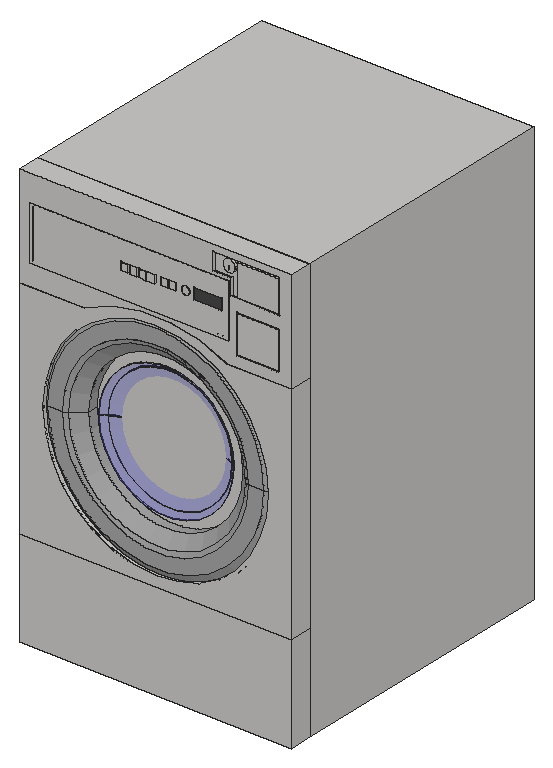
Revit family "QF_ELECTROLUX_WE1100P_WE1100P", category Specialty Equipment, Revit 2014
Parameters
  Width = 686 mm
  Height = 850 mm
  Depth = 822 mm
Reference planes
  plane 1 "Center (Front/Back)": y = 0
  plane 2: z = 0
  plane 3 "Center (Left/Right)": x = 0
  plane 4 "LEFT": x = -343
  plane 5 "RIGHT": x = 343
  plane 6 "BACK": y = 411
  plane 7 "FRONT": y = -411
  plane 8 "voidPanel": through (0, -279.09, 846.678) normal (0, -0.9308, 0.3656)
  plane 9 "TOP": z = 1098
  plane 10: y = -928
Forms (mm)
  Extrusion 1, solid, material "QF_Finishes_Stainless Steel"
    sketch origin (0, 0, 0) x (1, 0, 0) y (0, 1, 0)
      loop
        line (-343, 354) -> (-343, -354) -> (343, -354) -> (343, 354) -> (-343, 354)
    from 25 to 1098
  Extrusion 2, void
    sketch origin (0, -411, 114) x (0, 0, 1) y (-1, 0, 0)
      loop
        circle (470, 0) r 242.757
    from 0 to -726.106
  Revolve 3, solid, material "QF_Finishes_Gray"
    sketch origin (0, 0, 584) x (-1, 0, 0) y (0, -1, 0)
      loop
        line (295.448, 354.108) -> (295.448, 397.035) -> (272.916, 411) -> (235.246, 411) -> (223.534, 406.93) -> (195.25, 378.646) -> (195.25, 354.108) -> (295.448, 354.108)
      axis (0, 354.108) -> (0, 411)
    angle from 0 to 360
  Revolve 4, solid, material "Glass"
    sketch origin (0, 0, 584) x (-1, 0, 0) y (0, -1, 0)
      loop
        line (156.034, 365.621) -> (125.785, 351.316)
        arc (125.785, 351.316) -> (117.42, 348.976) -> (108.77, 348.187) r 47.824
        line (108.77, 348.187) -> (0, 348.187) -> (0, 346.187) -> (108.77, 346.187)
        arc (108.77, 346.187) -> (117.82, 347.016) -> (126.57, 349.475) r 49.824
        line (126.57, 349.475) -> (156.889, 363.813)
        arc (156.889, 363.813) -> (164.396, 368.582) -> (170.5, 375.051) r 35.892
        line (170.5, 375.051) -> (170.5, 378.646)
        arc (170.5, 378.646) -> (164.222, 371.072) -> (156.034, 365.621) r 33.892
      axis (0, 346.187) -> (0, 378.646)
    angle from 0 to 360
  Extrusion 5, void
    sketch origin (0, 0, 470) x (-1, 0, 0) y (0, -1, 0)
      loop
        line (333, -329) -> (333, 336.297) -> (-333, 336.297) -> (-333, -329) -> (333, -329)
    from -434.1 to 430
  Extrusion 6, solid, material "QF_Finishes_Rubber Black"
    sketch origin (25, 0, 0) x (1, 0, 0) y (0, 1, 0)
      loop
        circle (-308, 313.6) r 20
    from 0 to 10
  Extrusion 7, solid, material "QF_Finishes_Stainless Steel"
    sketch origin (25, 0, 0) x (1, 0, 0) y (0, 1, 0)
      loop
        circle (-308, 313.6) r 11
    from 10 to 25
  Extrusion 8, solid, material "QF_Finishes_Rubber Black"
    sketch origin (25, 0, 0) x (1, 0, 0) y (0, 1, 0)
      loop
        circle (-308, -309.8) r 20
    from 0 to 10
  Extrusion 9, solid, material "QF_Finishes_Stainless Steel"
    sketch origin (25, 0, 0) x (1, 0, 0) y (0, 1, 0)
      loop
        circle (-308, -309.8) r 11
    from 10 to 25
  Revolve 10, solid, material "QF_Door-Drawer Clearances", detail levels coarse
    sketch origin (0, -354.108, 110) x (-1, 0, 0) y (0, 0, 1)
      loop
        circle (-1.368, 470) r 285
      axis (287.524, 470) -> (287.524, 469)
    angle from 0 to 90
  Extrusion 11, solid, material "QF_Finishes_Rubber Black"
    sketch origin (-25, 0, 0) x (-1, 0, 0) y (0, -1, 0)
      loop
        circle (-308, -313.6) r 20
    from 0 to 10
  Extrusion 12, solid, material "QF_Finishes_Stainless Steel"
    sketch origin (-25, 0, 0) x (-1, 0, 0) y (0, -1, 0)
      loop
        circle (-308, -313.6) r 11
    from 10 to 25
  Extrusion 13, solid, material "QF_Finishes_Rubber Black"
    sketch origin (-25, 0, 0) x (-1, 0, 0) y (0, -1, 0)
      loop
        circle (-308, 309.8) r 20
    from 0 to 10
  Extrusion 14, solid, material "QF_Finishes_Stainless Steel"
    sketch origin (-25, 0, 0) x (-1, 0, 0) y (0, -1, 0)
      loop
        circle (-308, 309.8) r 11
    from 10 to 25
  Extrusion 15, solid, material "QF_Finishes_Stainless Steel"
    sketch origin (0, -411, 0) x (0, 0, 1) y (-1, 0, 0)
      loop
        line (25, 343) -> (25, -343) -> (270, -343) -> (270, 343) -> (25, 343)
    from 0 to -57
  Extrusion 16, solid, material "QF_Finishes_Stainless Steel"
    sketch origin (0, -411, 0) x (0, 0, 1) y (-1, 0, 0)
      loop
        line (840, -343) -> (1098, -343) -> (1098, 343) -> (840, 343) -> (840, 180)
        arc (840, 180) -> (884.448, 0) -> (840, -180) r 386.695
        line (840, -180) -> (840, -343)
    from 0 to -57
  Extrusion 17, solid, material "QF_Finishes_Stainless Steel"
    sketch origin (0, -411, 0) x (0, 0, 1) y (-1, 0, 0)
      loop
        line (840, 343) -> (270, 343) -> (270, -343) -> (840, -343) -> (840, -180)
        arc (840, -180) -> (884.448, 0) -> (840, 180) r 386.695
        line (840, 180) -> (840, 343)
      loop
        circle (580, 0) r 285
    from 0 to -57
  Extrusion 18, void
    sketch origin (0, -411, 0) x (0, 0, 1) y (-1, 0, 0)
      loop
        line (900, 310) -> (900, -177.556) -> (1023.011, -177.556) -> (1023.011, 310) -> (900, 310)
      loop
        line (966.011, -204.442) -> (866.011, -204.442) -> (866.011, -314.442) -> (966.011, -314.442) -> (966.011, -204.442)
      loop
        line (996.011, -189.442) -> (996.011, -314.442) -> (1083.011, -314.442) -> (1083.011, -145.278) -> (1038.011, -145.278) -> (1038.011, -189.442) -> (996.011, -189.442)
    from 0 to -5
  Extrusion 19, solid, material "QF_Finishes_Stainless Steel"
    sketch origin (0, -411, 0) x (0, 0, 1) y (-1, 0, 0)
      loop
        line (893.011, 317.724) -> (893.011, -184.442) -> (1030, -184.442) -> (1030, 317.724) -> (893.011, 317.724)
      loop
        line (1078.64, -311.442) -> (1078.64, -207.442) -> (999.011, -207.442) -> (999.011, -311.442) -> (1078.64, -311.442)
      loop
        line (963.011, -311.442) -> (963.011, -207.442) -> (869.011, -207.442) -> (869.011, -311.442) -> (963.011, -311.442)
      loop
        line (958.011, 88.08) -> (958.011, 68.08) -> (978.011, 68.08) -> (978.011, 88.08) -> (958.011, 88.08)
      loop
        line (978.011, 65.388) -> (958.011, 65.388) -> (958.011, 45.384) -> (978.011, 45.384) -> (978.011, 65.388)
      loop
        line (978.011, 42.696) -> (958.011, 42.696) -> (958.011, 22.692) -> (978.011, 22.692) -> (978.011, 42.696)
      loop
        line (978.011, 20.004) -> (958.011, 20.004) -> (958.011, 0) -> (978.011, 0) -> (978.011, 20.004)
      loop
        circle (969.242, -76.184) r 10
      loop
        line (955.286, -166.743) -> (985.286, -166.743) -> (985.286, -96.743) -> (955.286, -96.743) -> (955.286, -166.743)
      loop
        line (978.011, -13.509) -> (960.092, -13.509) -> (960.092, -31.382) -> (978.011, -31.382) -> (978.011, -13.509)
      loop
        line (978.011, -33.509) -> (960.092, -33.509) -> (960.092, -51.382) -> (978.011, -51.382) -> (978.011, -33.509)
      loop
        circle (1064.031, -186.619) r 15
      loop
        line (1055, -188.119) -> (1064.015, -188.119) -> (1064.015, -185.119) -> (1055, -185.119) -> (1055, -188.119)
    from 0.5 to -5
  Extrusion 20, solid, material "QF_Finishes_Stainless Steel"
    sketch origin (35.424, -411, -24.138) x (0, 0, 1) y (-1, 0, 0)
      loop
        line (1002.148, 123.504) -> (982.148, 123.504) -> (982.148, 103.504) -> (1002.148, 103.504) -> (1002.148, 123.504)
      loop
        line (1002.148, 100.812) -> (982.148, 100.812) -> (982.148, 80.808) -> (1002.148, 80.808) -> (1002.148, 100.812)
      loop
        line (1002.148, 78.12) -> (982.148, 78.12) -> (982.148, 58.116) -> (1002.148, 58.116) -> (1002.148, 78.12)
      loop
        line (1002.148, 55.428) -> (982.148, 55.428) -> (982.148, 35.424) -> (1002.148, 35.424) -> (1002.148, 55.428)
    from 2 to -13.46
  Extrusion 21, solid, material "QF_Finishes_Stainless Steel"
    sketch origin (41.324, -411, -22.907) x (0, 0, 1) y (-1, 0, 0)
      loop
        circle (992.148, -34.859) r 10
    from 1 to -13.46
  Extrusion 22, solid, material "QF_Finishes_Black"
    sketch origin (41.884, -411, -21.862) x (0, 0, 1) y (-1, 0, 0)
      loop
        line (1007.148, -54.859) -> (977.148, -54.859) -> (977.148, -124.859) -> (1007.148, -124.859) -> (1007.148, -54.859)
    from 0 to -13.46
  Blend 23, solid, material "QF_Finishes_Stainless Steel"
    base sketch origin (0, 411, 0) x (0, 0, 1) y (-1, 0, 0)
      loop
        line (784.238, -184.6) -> (784.238, 184.6)
        arc (784.238, 184.6) -> (762.271, 237.633) -> (709.238, 259.6) r 75
        line (709.238, 259.6) -> (394.238, 259.6) -> (305.804, 282.768)
        arc (305.804, 282.768) -> (247.18, 288.682) -> (189.562, 276.351) r 190
        line (189.562, 276.351) -> (140.657, 257.578)
        arc (140.657, 257.578) -> (112.712, 235.548) -> (102.159, 201.563) r 60
        line (102.159, 201.563) -> (102.159, -201.563)
        arc (102.159, -201.563) -> (112.712, -235.548) -> (140.657, -257.578) r 60
        line (140.657, -257.578) -> (189.562, -276.351)
        arc (189.562, -276.351) -> (247.18, -288.682) -> (305.804, -282.768) r 190
        line (305.804, -282.768) -> (394.238, -259.6) -> (709.238, -259.6)
        arc (709.238, -259.6) -> (762.271, -237.633) -> (784.238, -184.6) r 75
    top sketch origin (0, 411, 0) x (0, 0, 1) y (-1, 0, 0)
      loop
        line (784.238, -184.6) -> (784.238, 184.6)
        arc (784.238, 184.6) -> (762.271, 237.633) -> (709.238, 259.6) r 75
        line (709.238, 259.6) -> (394.238, 259.6) -> (305.804, 282.768)
        arc (305.804, 282.768) -> (247.18, 288.682) -> (189.562, 276.351) r 190
        line (189.562, 276.351) -> (140.657, 257.578)
        arc (140.657, 257.578) -> (112.712, 235.548) -> (102.159, 201.563) r 60
        line (102.159, 201.563) -> (102.159, -201.563)
        arc (102.159, -201.563) -> (112.712, -235.548) -> (140.657, -257.578) r 60
        line (140.657, -257.578) -> (189.562, -276.351)
        arc (189.562, -276.351) -> (247.18, -288.682) -> (305.804, -282.768) r 190
        line (305.804, -282.768) -> (394.238, -259.6) -> (709.238, -259.6)
        arc (709.238, -259.6) -> (762.271, -237.633) -> (784.238, -184.6) r 75
    from 57 to 31.462
  Blend 24, solid, material "QF_Finishes_Stainless Steel"
    base sketch origin (0, 411, 0) x (0, 0, 1) y (-1, 0, 0)
      loop
        line (320.525, -120) -> (480, -120)
        arc (480, -120) -> (600, 0) -> (480, 120) r 120
        line (480, 120) -> (320.525, 120)
        arc (320.525, 120) -> (200.525, 0) -> (320.525, -120) r 120
    top sketch origin (0, 411, 0) x (0, 0, 1) y (-1, 0, 0)
      loop
        line (480, 105) -> (320.525, 105)
        arc (320.525, 105) -> (215.525, 0) -> (320.525, -105) r 105
        line (320.525, -105) -> (480, -105)
        arc (480, -105) -> (585, 0) -> (480, 105) r 105
    from 31.462 to 13.773
  Extrusion 25, solid, material "QF_Finishes_Stainless Steel"
    sketch origin (0, 411, 0) x (0, 0, 1) y (-1, 0, 0)
      loop
        circle (490.355, 0) r 80
    from 0 to 13.773
  Extrusion 26, solid, material "QF_Finishes_Stainless Steel"
    sketch origin (137.012, -411, -24.138) x (0, 0, 1) y (-1, 0, 0)
      loop
        line (1002.148, 123.504) -> (984.23, 123.504) -> (984.23, 105.63) -> (1002.148, 105.63) -> (1002.148, 123.504)
      loop
        line (1002.148, 103.504) -> (984.23, 103.504) -> (984.23, 85.63) -> (1002.148, 85.63) -> (1002.148, 103.504)
    from 2 to -13.46
  Extrusion 27, solid, material "QF_Finishes_Stainless Steel"
    sketch origin (0, 411, 0) x (0, 0, 1) y (-1, 0, 0)
      loop
        arc (831.177, -251.517) -> (838.5, -269.194) -> (856.177, -276.517) r 25
        line (856.177, -276.517) -> (896.177, -276.517)
        arc (896.177, -276.517) -> (910.32, -270.659) -> (916.177, -256.517) r 20
        line (916.177, -256.517) -> (916.177, -91.517)
        arc (916.177, -91.517) -> (910.32, -77.375) -> (896.177, -71.517) r 20
        line (896.177, -71.517) -> (856.177, -71.517)
        arc (856.177, -71.517) -> (838.5, -78.839) -> (831.177, -96.517) r 25
        line (831.177, -96.517) -> (831.177, -251.517)
      loop
        arc (850.673, 78.041) -> (856.531, 63.899) -> (870.673, 58.041) r 20
        line (870.673, 58.041) -> (915.673, 58.041)
        arc (915.673, 58.041) -> (929.815, 63.899) -> (935.673, 78.041) r 20
        line (935.673, 78.041) -> (935.673, 108.041)
        arc (935.673, 108.041) -> (929.815, 122.183) -> (915.673, 128.041) r 20
        line (915.673, 128.041) -> (870.673, 128.041)
        arc (870.673, 128.041) -> (856.531, 122.183) -> (850.673, 108.041) r 20
        line (850.673, 108.041) -> (850.673, 78.041)
      loop
        arc (850.673, 167.296) -> (856.531, 153.154) -> (870.673, 147.296) r 20
        line (870.673, 147.296) -> (907.608, 147.296)
        arc (907.608, 147.296) -> (927.453, 155.516) -> (935.673, 175.361) r 28.065
        line (935.673, 175.361) -> (935.673, 297.724)
        arc (935.673, 297.724) -> (929.815, 311.866) -> (915.673, 317.724) r 20
        line (915.673, 317.724) -> (870.673, 317.724)
        arc (870.673, 317.724) -> (856.531, 311.866) -> (850.673, 297.724) r 20
        line (850.673, 297.724) -> (850.673, 167.296)
    from 50.476 to 57
  Extrusion 28, solid, material "QF_Finishes_Stainless Steel"
    sketch origin (0, 411, 0) x (0, 0, 1) y (-1, 0, 0)
      loop
        circle (904.625, -20.96) r 10
      loop
        circle (900, 93.439) r 25.4
      loop
        circle (893.011, 195.368) r 12.7
      loop
        circle (893.011, 273.674) r 12.7
    from 46.49 to 50.476
  Extrusion 29, solid, material "QF_Finishes_Stainless Steel"
    sketch origin (0, 411, 0) x (0, 0, 1) y (-1, 0, 0)
      loop
        circle (808.547, 296.859) r 12.7
    from 46.49 to 57
  Extrusion 30, solid, material "QF_Finishes_Stainless Steel"
    sketch origin (0, 411, 0) x (0, 0, 1) y (-1, 0, 0)
      loop
        circle (904.625, -20.96) r 10
    from 50.476 to 57
Cuts and joins
  Extrusion 5 cuts Extrusion 1
  Extrusion 18 cuts Extrusion 16
  joined: Extrusion 28, Extrusion 30
Lines and regions (mm)
  model lines
    curve 1: line (253.366, -313.716, 0) -> (253.669, -317.455, 0)
  symbolic lines, style "QF_Door-Drawer Clearances"
    curve 2: line (-287.524, -928, 744.475) -> (-287.524, -411, 744.475)
    curve 21: arc (-287.524, -928, 744.475) -> (97.49, -779.724, 744.475) -> (283.589, -411.5, 744.475) r 574
  symbolic lines
    curve 3: line (-343, 354, 744.475) -> (343, 354, 744.475)
    curve 4: line (-343, -354, 744.475) -> (-343, 354, 744.475)
    curve 5: line (343, -354, 744.475) -> (-343, -354, 744.475)
    curve 6: line (343, 354, 744.475) -> (343, -354, 744.475)
    curve 7: line (-343, -354, 744.475) -> (-343, -411, 744.475)
    curve 8: line (-343, -411, 744.475) -> (343, -411, 744.475)
    curve 9: line (343, -411, 744.475) -> (343, -354, 744.475)
    curve 10: line (-288.971, 379.538, 744.475) -> (288.971, 379.538, 744.475)
    curve 11: line (288.971, 379.538, 744.475) -> (288.971, 354, 744.475)
    curve 12: line (-288.971, 379.538, 744.475) -> (-288.971, 354, 744.475)
    curve 13: line (-259.6, 379.538, 744.475) -> (-259.6, 354, 744.475)
    curve 14: line (259.6, 379.538, 744.475) -> (259.6, 354, 744.475)
    curve 15: line (-120, 379.538, 744.475) -> (-105, 397.227, 744.475)
    curve 16: line (-105, 397.227, 744.475) -> (105, 397.227, 744.475)
    curve 17: line (105, 397.227, 744.475) -> (120, 379.538, 744.475)
    curve 18: line (80, 411, 744.475) -> (-80, 411, 744.475)
    curve 19: line (-80, 411, 744.475) -> (-80, 397.227, 744.475)
    curve 20: line (80, 411, 744.475) -> (80, 397.227, 744.475)
Dimensions and locks
  equal spacing: plane 5 "RIGHT", plane 3 "Center (Left/Right)", plane 4 "LEFT"
  "Width": plane 5 "RIGHT" to plane 4 "LEFT"
  equal spacing: plane 7 "FRONT", plane 1 "Center (Front/Back)", plane 6 "BACK"
  plane 9 "TOP" to level = 1098 mm
  plane 7 "FRONT" to plane 1 "Center (Front/Back)" to plane 6 "BACK" = 411 mm, 411 mm
  plane 4 "LEFT" to plane 5 "RIGHT" = 686 mm
  cut or joined group of Extrusion 1, Extrusion 5 to cut or joined group of Extrusion 16, Extrusion 18 = 765 mm
  plane 7 "FRONT" to plane 10 = 517 mm
  plane 10 to plane 6 "BACK" = 1339 mm
  plane 6 "BACK" to cut or joined group of Extrusion 16, Extrusion 18 = 765 mm
  plane 10 to cut or joined group of Extrusion 16, Extrusion 18 = 574 mm
  plane 6 "BACK" to plane 10 = 1339 mm
  aligned and locked: level to plane 2
Automatic sketch dimensions
  Extrusion 1 sketch curve to plane 4 "LEFT" = 0 mm
  Extrusion 1 sketch curve to plane 5 "RIGHT" = 0 mm
  Extrusion 1 sketch curve to plane 7 "FRONT" = 57 mm
  plane 6 "BACK" to Extrusion 1 sketch curve = 57 mm
  Extrusion 2 sketch curve to plane 3 "Center (Left/Right)" = 0 mm
  Extrusion 2 sketch curve to plane 9 "TOP" = 514 mm
  Revolve 3 sketch curve to plane 3 "Center (Left/Right)" = 0 mm
  plane 7 "FRONT" to Revolve 3 sketch curve = 0 mm
  Revolve 3 sketch curve to plane 7 "FRONT" = 56.892 mm
  plane 4 "LEFT" to Revolve 3 sketch curve = 147.75 mm
  Revolve 3 sketch curve to plane 7 "FRONT" = 4.07 mm
  Revolve 3 sketch curve to Revolve 3 sketch curve = 28.284 mm
  Revolve 3 sketch curve to Revolve 3 sketch curve = 11.712 mm
  Revolve 3 sketch curve to Revolve 3 sketch curve = 37.67 mm
  Revolve 3 sketch curve to Revolve 3 sketch curve = 22.532 mm
  Revolve 3 sketch curve to Revolve 3 sketch curve = 24.537 mm
  Revolve 3 sketch curve to plane 7 "FRONT" = 13.965 mm
  Revolve 3 sketch curve to plane 6 "BACK" = 1134.072 mm
  plane 10 to Revolve 3 sketch curve = 569.917 mm
  Revolve 4 sketch curve to Revolve 4 sketch curve = 0 mm  (x4)
  Revolve 4 sketch curve to plane 3 "Center (Left/Right)" = 0 mm  (x2)
  Revolve 4 sketch curve to plane 3 "Center (Left/Right)" = 108.77 mm
  Revolve 4 sketch curve to Revolve 4 sketch curve = 17.015 mm
  Revolve 4 sketch curve to plane 7 "FRONT" = 61.525 mm
  Revolve 4 sketch curve to Revolve 4 sketch curve = 0.785 mm
  Revolve 4 sketch curve to plane 7 "FRONT" = 14.74 mm
  Revolve 4 sketch curve to Revolve 4 sketch curve = 32.775 mm
  Revolve 4 sketch curve to plane 7 "FRONT" = 45.379 mm
  Revolve 4 sketch curve to Revolve 4 sketch curve = 30.249 mm
  Revolve 4 sketch curve to plane 7 "FRONT" = 47.187 mm
  Revolve 4 sketch curve to Revolve 4 sketch curve = 0.855 mm
  Revolve 4 sketch curve to Revolve 4 sketch curve = 14.466 mm
  Revolve 4 sketch curve to plane 7 "FRONT" = 62.813 mm
  Revolve 4 sketch curve to Revolve 4 sketch curve = 2 mm
  Revolve 4 sketch curve to plane 6 "BACK" = 1134.072 mm
  plane 10 to Revolve 4 sketch curve = 569.917 mm
  Extrusion 5 sketch curve to plane 5 "RIGHT" = 10 mm
  plane 4 "LEFT" to Extrusion 5 sketch curve = 10 mm
  plane 6 "BACK" to Extrusion 5 sketch curve = 82 mm
  Extrusion 5 sketch curve to plane 7 "FRONT" = 74.703 mm
  plane 4 "LEFT" to Extrusion 6 sketch curve = 60 mm
  plane 6 "BACK" to Extrusion 6 sketch curve = 97.4 mm
  plane 4 "LEFT" to Extrusion 7 sketch curve = 60 mm
  plane 6 "BACK" to Extrusion 7 sketch curve = 97.4 mm
  plane 4 "LEFT" to Extrusion 8 sketch curve = 60 mm
  Extrusion 8 sketch curve to plane 7 "FRONT" = 101.2 mm
  plane 4 "LEFT" to Extrusion 9 sketch curve = 60 mm
  Extrusion 9 sketch curve to plane 7 "FRONT" = 101.2 mm
  plane 10 to curve 2 = 0 mm
  plane 7 "FRONT" to curve 2 = 0 mm
  plane 4 "LEFT" to curve 2 = 55.476 mm
  plane 3 "Center (Left/Right)" to Revolve 10 sketch curve = 1.368 mm
  Revolve 10 sketch curve to plane 9 "TOP" = 518 mm
  plane 4 "LEFT" to Revolve 10 sketch curve = 55.476 mm
  Revolve 10 sketch curve to level = 194.8 mm
  plane 9 "TOP" to Revolve 10 sketch curve = 1450.4 mm
  plane 5 "RIGHT" to Extrusion 11 sketch curve = 60 mm
  Extrusion 11 sketch curve to plane 6 "BACK" = 97.4 mm
  plane 5 "RIGHT" to Extrusion 12 sketch curve = 60 mm
  Extrusion 12 sketch curve to plane 6 "BACK" = 97.4 mm
  plane 5 "RIGHT" to Extrusion 13 sketch curve = 60 mm
  plane 7 "FRONT" to Extrusion 13 sketch curve = 101.2 mm
  plane 5 "RIGHT" to Extrusion 14 sketch curve = 60 mm
  plane 7 "FRONT" to Extrusion 14 sketch curve = 101.2 mm
  Extrusion 15 sketch curve to plane 5 "RIGHT" = 0 mm
  Extrusion 15 sketch curve to plane 4 "LEFT" = 0 mm
  level to Extrusion 15 sketch curve = 25 mm
  Extrusion 15 sketch curve to Extrusion 15 sketch curve = 245 mm
  Extrusion 16 sketch curve to plane 5 "RIGHT" = 0 mm
  Extrusion 16 sketch curve to plane 4 "LEFT" = 0 mm
  Extrusion 16 sketch curve to plane 9 "TOP" = 0 mm
  Extrusion 16 sketch curve to Extrusion 16 sketch curve = 258 mm  (x2)
  Extrusion 16 sketch curve to plane 5 "RIGHT" = 163 mm
  Extrusion 17 sketch curve to plane 4 "LEFT" = 0 mm
  Extrusion 17 sketch curve to plane 5 "RIGHT" = 0 mm
  Extrusion 17 sketch curve to plane 3 "Center (Left/Right)" = 0 mm  (x2)
  level to Extrusion 17 sketch curve = 270 mm
  Extrusion 17 sketch curve to Extrusion 17 sketch curve = 227.753 mm
  Extrusion 17 sketch curve to Extrusion 17 sketch curve = 82.247 mm
  Extrusion 17 sketch curve to plane 9 "TOP" = 258 mm  (x2)
  plane 4 "LEFT" to Extrusion 17 sketch curve = 163 mm
  Extrusion 20 sketch curve to plane 3 "Center (Left/Right)" = 0 mm
  Extrusion 20 sketch curve to plane 9 "TOP" = 139.989 mm
  Extrusion 20 sketch curve to Extrusion 20 sketch curve = 0 mm  (x5)
  Extrusion 20 sketch curve to Extrusion 20 sketch curve = 20 mm  (x3)
  Extrusion 20 sketch curve to Extrusion 20 sketch curve = 20.004 mm  (x3)
  Extrusion 20 sketch curve to Extrusion 20 sketch curve = 2.689 mm  (x2)
  Extrusion 20 sketch curve to Extrusion 20 sketch curve = 2.692 mm
  Extrusion 21 sketch curve to plane 9 "TOP" = 128.758 mm
  plane 3 "Center (Left/Right)" to Extrusion 21 sketch curve = 76.184 mm
  Extrusion 22 sketch curve to plane 9 "TOP" = 142.714 mm
  Extrusion 22 sketch curve to Extrusion 22 sketch curve = 30 mm
  plane 3 "Center (Left/Right)" to Extrusion 22 sketch curve = 166.743 mm
  Extrusion 22 sketch curve to Extrusion 22 sketch curve = 70 mm
  level to Blend 23 sketch curve = 102.159 mm  (x2)
  Blend 23 sketch curve to Blend 23 sketch curve = 38.498 mm  (x4)
  Blend 23 sketch curve to plane 5 "RIGHT" = 85.422 mm  (x2)
  Blend 23 sketch curve to Blend 23 sketch curve = 60 mm  (x4)
  Blend 23 sketch curve to plane 5 "RIGHT" = 66.649 mm  (x2)
  Blend 23 sketch curve to Blend 23 sketch curve = 48.905 mm  (x4)
  plane 4 "LEFT" to Blend 23 sketch curve = 66.649 mm  (x2)
  Blend 23 sketch curve to Blend 23 sketch curve = 95.493 mm  (x4)
  Blend 23 sketch curve to plane 5 "RIGHT" = 60.232 mm  (x2)
  Blend 23 sketch curve to Blend 23 sketch curve = 116.242 mm  (x4)
  plane 4 "LEFT" to Blend 23 sketch curve = 60.232 mm  (x2)
  Blend 23 sketch curve to plane 5 "RIGHT" = 83.4 mm  (x2)
  Blend 23 sketch curve to Blend 23 sketch curve = 88.434 mm  (x4)
  plane 4 "LEFT" to Blend 23 sketch curve = 83.4 mm  (x2)
  Blend 23 sketch curve to Blend 23 sketch curve = 315 mm  (x4)
  Blend 23 sketch curve to plane 5 "RIGHT" = 158.4 mm
  Blend 23 sketch curve to Blend 23 sketch curve = 74.788 mm
  plane 4 "LEFT" to Blend 23 sketch curve = 85.422 mm
  Blend 23 sketch curve to Blend 23 sketch curve = 75 mm
  Blend 24 sketch curve to plane 3 "Center (Left/Right)" = 0 mm  (x2)
  plane 3 "Center (Left/Right)" to Blend 24 sketch curve = 120 mm
  level to Blend 24 sketch curve = 320.525 mm  (x2)
  Blend 24 sketch curve to Blend 24 sketch curve = 159.475 mm  (x2)
  plane 3 "Center (Left/Right)" to Blend 24 sketch curve = 105 mm
  Extrusion 25 sketch curve to plane 3 "Center (Left/Right)" = 0 mm
  level to Extrusion 25 sketch curve = 490.355 mm
  plane 3 "Center (Left/Right)" to Extrusion 26 sketch curve = 51.382 mm
  Extrusion 26 sketch curve to plane 9 "TOP" = 137.908 mm
  Extrusion 26 sketch curve to Extrusion 26 sketch curve = 0 mm
  Extrusion 26 sketch curve to Extrusion 26 sketch curve = 17.919 mm  (x2)
  Extrusion 26 sketch curve to Extrusion 26 sketch curve = 17.873 mm
  Extrusion 26 sketch curve to Extrusion 26 sketch curve = 2.127 mm
  plane 3 "Center (Left/Right)" to Extrusion 26 sketch curve = 13.509 mm
  plane 4 "LEFT" to Extrusion 16 sketch curve = 163 mm
  Extrusion 16 sketch curve to Extrusion 16 sketch curve = 342.247 mm
  Extrusion 18 sketch curve to plane 5 "RIGHT" = 28.558 mm  (x2)
  Extrusion 18 sketch curve to plane 9 "TOP" = 231.989 mm
  plane 4 "LEFT" to Extrusion 18 sketch curve = 33 mm
  Extrusion 18 sketch curve to plane 9 "TOP" = 198 mm
  Extrusion 18 sketch curve to Extrusion 18 sketch curve = 66.011 mm
  Extrusion 18 sketch curve to Extrusion 18 sketch curve = 30 mm
  Extrusion 18 sketch curve to plane 9 "TOP" = 74.989 mm
  Extrusion 18 sketch curve to Extrusion 18 sketch curve = 15 mm  (x2)
  Extrusion 18 sketch curve to plane 9 "TOP" = 14.989 mm
  Extrusion 18 sketch curve to Extrusion 18 sketch curve = 110 mm
  Extrusion 18 sketch curve to Extrusion 18 sketch curve = 11.886 mm
  Extrusion 18 sketch curve to Extrusion 18 sketch curve = 44.164 mm
  Extrusion 19 sketch curve to plane 3 "Center (Left/Right)" = 0 mm
  Extrusion 19 sketch curve to plane 5 "RIGHT" = 31.558 mm  (x2)
  Extrusion 19 sketch curve to plane 9 "TOP" = 228.989 mm
  plane 4 "LEFT" to Extrusion 19 sketch curve = 25.276 mm
  Extrusion 19 sketch curve to plane 9 "TOP" = 204.989 mm
  Extrusion 19 sketch curve to Extrusion 19 sketch curve = 62.275 mm
  Extrusion 19 sketch curve to plane 3 "Center (Left/Right)" = 65.388 mm
  Extrusion 19 sketch curve to plane 9 "TOP" = 139.989 mm
  Extrusion 19 sketch curve to Extrusion 19 sketch curve = 0 mm  (x7)
  Extrusion 19 sketch curve to Extrusion 19 sketch curve = 2.081 mm  (x2)
  Extrusion 19 sketch curve to Extrusion 19 sketch curve = 94 mm
  Extrusion 19 sketch curve to Extrusion 19 sketch curve = 13.956 mm
  Extrusion 19 sketch curve to Extrusion 19 sketch curve = 20 mm  (x3)
  Extrusion 19 sketch curve to Extrusion 19 sketch curve = 17.919 mm
  Extrusion 19 sketch curve to Extrusion 19 sketch curve = 16.044 mm
  Extrusion 19 sketch curve to Extrusion 19 sketch curve = 36 mm
  Extrusion 19 sketch curve to plane 9 "TOP" = 68 mm
  Extrusion 19 sketch curve to Extrusion 19 sketch curve = 25 mm
  Extrusion 19 sketch curve to Extrusion 19 sketch curve = 9.015 mm
  Extrusion 19 sketch curve to Extrusion 19 sketch curve = 0.016 mm
  Extrusion 19 sketch curve to plane 9 "TOP" = 19.36 mm
  Extrusion 19 sketch curve to Extrusion 19 sketch curve = 104 mm
  Extrusion 19 sketch curve to Extrusion 19 sketch curve = 19.322 mm
  Extrusion 19 sketch curve to Extrusion 19 sketch curve = 1.5 mm  (x2)
  Extrusion 19 sketch curve to Extrusion 19 sketch curve = 23 mm
  Extrusion 19 sketch curve to Extrusion 19 sketch curve = 40.698 mm
  Extrusion 19 sketch curve to Extrusion 19 sketch curve = 70 mm
  Extrusion 19 sketch curve to Extrusion 19 sketch curve = 20.56 mm
  Extrusion 19 sketch curve to Extrusion 19 sketch curve = 24.802 mm
  Extrusion 19 sketch curve to Extrusion 19 sketch curve = 17.873 mm
  Extrusion 19 sketch curve to Extrusion 19 sketch curve = 2.127 mm
  plane 3 "Center (Left/Right)" to Extrusion 19 sketch curve = 13.509 mm
  Extrusion 19 sketch curve to plane 3 "Center (Left/Right)" = 20.004 mm
  Extrusion 19 sketch curve to Extrusion 19 sketch curve = 2.689 mm  (x2)
  Extrusion 19 sketch curve to Extrusion 19 sketch curve = 20.004 mm
  Extrusion 19 sketch curve to Extrusion 19 sketch curve = 2.692 mm
  Extrusion 27 sketch curve to plane 9 "TOP" = 266.823 mm
  Extrusion 27 sketch curve to Extrusion 27 sketch curve = 19.495 mm
  Extrusion 27 sketch curve to Extrusion 27 sketch curve = 0 mm
  Extrusion 27 sketch curve to Extrusion 27 sketch curve = 25 mm  (x2)
  Extrusion 27 sketch curve to Extrusion 27 sketch curve = 20 mm  (x6)
  Extrusion 27 sketch curve to Extrusion 27 sketch curve = 40 mm  (x2)
  Extrusion 27 sketch curve to Extrusion 27 sketch curve = 36.935 mm
  plane 4 "LEFT" to Extrusion 27 sketch curve = 25.276 mm
  Extrusion 27 sketch curve to Extrusion 27 sketch curve = 45 mm  (x2)
  Extrusion 27 sketch curve to Extrusion 27 sketch curve = 8.065 mm
  Extrusion 27 sketch curve to Extrusion 27 sketch curve = 28.065 mm
  Extrusion 27 sketch curve to Extrusion 27 sketch curve = 122.362 mm
  Extrusion 27 sketch curve to Extrusion 27 sketch curve = 19.255 mm
  Extrusion 27 sketch curve to Extrusion 27 sketch curve = 30 mm
  plane 3 "Center (Left/Right)" to Extrusion 27 sketch curve = 71.517 mm
  Extrusion 27 sketch curve to plane 5 "RIGHT" = 91.483 mm
  Extrusion 28 sketch curve to Extrusion 28 sketch curve = 0 mm
  Extrusion 28 sketch curve to Extrusion 28 sketch curve = 6.989 mm
  plane 3 "Center (Left/Right)" to Extrusion 28 sketch curve = 20.96 mm
  Extrusion 28 sketch curve to Extrusion 28 sketch curve = 4.625 mm
  Extrusion 28 sketch curve to plane 3 "Center (Left/Right)" = 93.439 mm
  Extrusion 28 sketch curve to Extrusion 28 sketch curve = 101.929 mm
  plane 4 "LEFT" to Extrusion 28 sketch curve = 69.326 mm
  Extrusion 28 sketch curve to plane 9 "TOP" = 204.989 mm
  plane 4 "LEFT" to Extrusion 29 sketch curve = 46.141 mm
  Extrusion 29 sketch curve to plane 9 "TOP" = 289.453 mm
  plane 10 to curve 21 = 0 mm
  curve 8 to plane 4 "LEFT" = 0 mm
  plane 7 "FRONT" to curve 8 = 0 mm
  curve 6 to plane 5 "RIGHT" = 0 mm
  plane 6 "BACK" to curve 18 = 0 mm
  curve 6 to plane 7 "FRONT" = 57 mm
  curve 4 to curve 21 = 0 mm
  plane 6 "BACK" to curve 3 = 57 mm
  curve 12 to curve 12 = 25.538 mm
  plane 6 "BACK" to curve 16 = 13.773 mm
  curve 10 to plane 5 "RIGHT" = 54.029 mm
  plane 3 "Center (Left/Right)" to curve 17 = 105 mm
  curve 16 to curve 20 = 25 mm
  curve 19 to plane 3 "Center (Left/Right)" = 80 mm
  curve 19 to curve 15 = 25 mm
  plane 4 "LEFT" to curve 21 = 55.476 mm
  plane 4 "LEFT" to curve 10 = 54.029 mm
  plane 7 "FRONT" to curve 21 = 0.5 mm
  curve 11 to curve 14 = 29.371 mm
  curve 17 to curve 16 = 15 mm
  curve 15 to curve 15 = 15 mm
  curve 13 to curve 12 = 29.371 mm
  plane 3 "Center (Left/Right)" to Extrusion 30 sketch curve = 20.96 mm
  Extrusion 30 sketch curve to plane 9 "TOP" = 193.375 mm
  radius of Extrusion 2 sketch curve = 242.757 mm
  radius of Extrusion 6 sketch curve = 20 mm
  radius of Extrusion 7 sketch curve = 11 mm
  radius of Extrusion 8 sketch curve = 20 mm
  radius of Extrusion 9 sketch curve = 11 mm
  radius of Revolve 10 sketch curve = 285 mm
  radius of Extrusion 11 sketch curve = 20 mm
  radius of Extrusion 12 sketch curve = 11 mm
  radius of Extrusion 13 sketch curve = 20 mm
  radius of Extrusion 14 sketch curve = 11 mm
  radius of Extrusion 17 sketch curve = 285 mm
  radius of Extrusion 21 sketch curve = 10 mm
  radius of Extrusion 25 sketch curve = 80 mm
  radius of Extrusion 19 sketch curve = 10 mm
  radius of Extrusion 19 sketch curve = 15 mm
  radius of Extrusion 28 sketch curve = 10 mm
  radius of Extrusion 28 sketch curve = 25.4 mm
  radius of Extrusion 28 sketch curve = 12.7 mm  (x2)
  radius of Extrusion 29 sketch curve = 12.7 mm
  radius of Extrusion 30 sketch curve = 10 mm
Connectors
  electrical at (20.96, 364.51, 904.625)
    settings: on Extrusion 28, index 1, voltage 0 V, apparent load 0 VA, apparent load phase1 0 VA, apparent load phase2 0 VA, apparent load phase3 0 VA, power factor 1, load classification "Other", number of poles 1, system type 30, power factor state 1, is connector primary yes, connector utility no, sub classification motor no, connector description "Electrical Connection"
  piping at (-195.368, 364.51, 893.011), diameter 25.4
    settings: on Extrusion 28, index 3, connector inside diameter 609.6 mm, connector length 0 mm, flow factor 0, pipe flow 0.0 L/s, pressure drop 0.0 Pa, fitting loss kfactor 0, connector angle 0.00°, fixture units 0, engagement length 0 mm, angle of deflection 0.00°, flow configuration 1, flow direction 1, fitting loss method 0, system type 20, joint type 0, gender type 0, connector reference index -1, connector utility 0, adjustable connector no, is connector primary yes, connector description "Cold Water Inlet"
  piping at (-273.674, 364.51, 893.011), diameter 25.4
    settings: on Extrusion 28, index 4, connector inside diameter 609.6 mm, connector length 0 mm, flow factor 0, pipe flow 0.0 L/s, pressure drop 0.0 Pa, fitting loss kfactor 0, connector angle 0.00°, fixture units 0, engagement length 0 mm, angle of deflection 0.00°, flow configuration 1, flow direction 1, fitting loss method 0, system type 19, joint type 0, gender type 0, connector reference index -1, connector utility 0, adjustable connector no, is connector primary no, connector description "Hot Water Inlet"
  piping at (-296.859, 364.51, 808.547), diameter 25.4
    settings: on Extrusion 29, index 5, connector inside diameter 609.6 mm, connector length 0 mm, flow factor 0, pipe flow 0.0 L/s, pressure drop 0.0 Pa, fitting loss kfactor 0, connector angle 0.00°, fixture units 0, engagement length 0 mm, angle of deflection 0.00°, flow configuration 1, flow direction 2, fitting loss method 0, system type 16, joint type 0, gender type 0, connector reference index -1, connector utility 0, adjustable connector no, is connector primary no, connector description "Drain"
